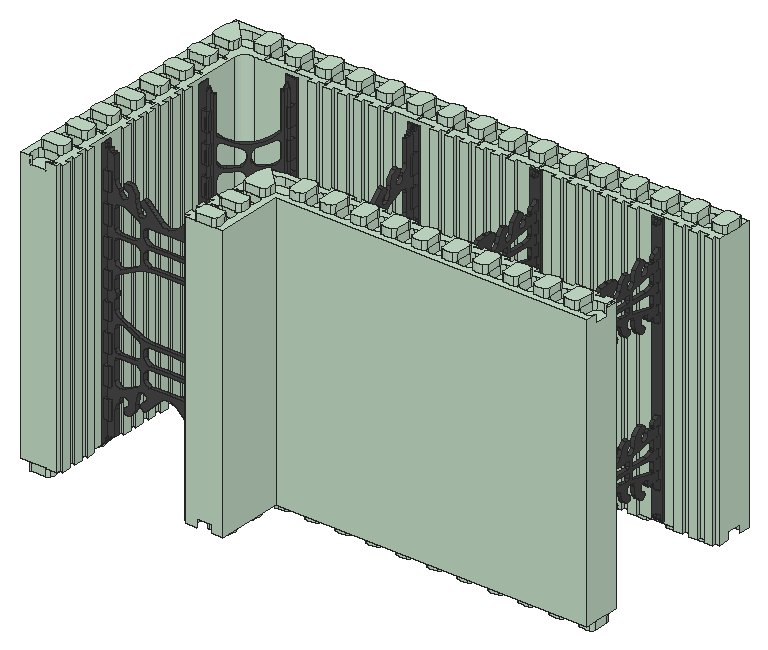
Revit family
Reference planes
  plane 1 "Center (Front/Back)": y = 0
  plane 2: z = 0
  plane 3 "Center (Left/Right)": x = 0
Forms (mm)
  Extrusion 1, solid, material "NUDURA Expanded Polystyrene Foam Insulation"
    sketch origin (-0.019, -0.02, 0) x (1, 0, 0) y (0, 1, 0)
      loop
        line (-168.275, 168.275) -> (-168.275, -279.4) -> (-107.95, -279.4) -> (-107.95, -272.258) -> (-101.6, -273.842) -> (-101.6, -259.558) -> (-107.95, -261.142) -> (-107.95, -246.858) -> (-101.6, -248.442) -> (-101.6, -234.158) -> (-107.95, -235.742) -> (-107.95, -221.458) -> (-101.6, -223.042) -> (-101.6, -208.758) -> (-107.95, -210.342) -> (-107.95, -145.258) -> (-101.6, -146.842) -> (-101.6, -132.558) -> (-107.95, -134.142) -> (-107.95, -119.858) -> (-101.6, -121.442) -> (-101.6, -107.158) -> (-107.95, -108.742) -> (-107.95, -94.458) -> (-101.6, -96.042) -> (-101.6, -81.758) -> (-107.95, -83.342) -> (-107.95, -69.058) -> (-101.6, -70.642) -> (-101.6, -56.358) -> (-107.95, -57.942) -> (-107.95, -43.658) -> (-101.6, -45.242) -> (-101.6, -30.958) -> (-107.95, -32.542) -> (-107.95, -18.258) -> (-101.6, -19.842) -> (-101.6, -5.558) -> (-107.95, -7.142) -> (-107.95, 89.394)
        arc (-107.95, 89.394) -> (-102.199, 102.546) -> (-88.9, 107.95) r 19.05
        line (-88.9, 107.95) -> (7.142, 107.95) -> (5.558, 101.6) -> (19.842, 101.6) -> (18.258, 107.95) -> (32.542, 107.95) -> (30.958, 101.6) -> (45.242, 101.6) -> (43.658, 107.95) -> (57.942, 107.95) -> (56.358, 101.6) -> (70.642, 101.6) -> (69.058, 107.95) -> (83.342, 107.95) -> (81.758, 101.6) -> (96.042, 101.6) -> (94.458, 107.95) -> (108.742, 107.95) -> (107.158, 101.6) -> (121.442, 101.6) -> (119.858, 107.95) -> (134.142, 107.95) -> (132.558, 101.6) -> (146.842, 101.6) -> (145.258, 107.95) -> (210.342, 107.95) -> (208.758, 101.6) -> (223.042, 101.6) -> (221.458, 107.95) -> (235.742, 107.95) -> (234.158, 101.6) -> (248.442, 101.6) -> (246.858, 107.95) -> (261.142, 107.95) -> (259.558, 101.6) -> (273.842, 101.6) -> (272.258, 107.95) -> (286.542, 107.95) -> (284.958, 101.6) -> (299.242, 101.6) -> (297.658, 107.95) -> (311.942, 107.95) -> (310.358, 101.6) -> (324.642, 101.6) -> (323.058, 107.95) -> (337.342, 107.95) -> (335.758, 101.6) -> (350.042, 101.6) -> (348.458, 107.95) -> (413.542, 107.95) -> (411.958, 101.6) -> (426.242, 101.6) -> (424.658, 107.95) -> (438.942, 107.95) -> (437.358, 101.6) -> (451.642, 101.6) -> (450.058, 107.95) -> (464.342, 107.95) -> (462.758, 101.6) -> (477.042, 101.6) -> (475.458, 107.95) -> (489.742, 107.95) -> (488.158, 101.6) -> (502.442, 101.6) -> (500.858, 107.95) -> (515.142, 107.95) -> (513.558, 101.6) -> (527.842, 101.6) -> (526.258, 107.95) -> (540.542, 107.95) -> (538.958, 101.6) -> (553.242, 101.6) -> (551.658, 107.95) -> (616.742, 107.95) -> (615.158, 101.6) -> (629.442, 101.6) -> (627.858, 107.95) -> (642.142, 107.95) -> (640.558, 101.6) -> (654.842, 101.6) -> (653.258, 107.95) -> (667.542, 107.95) -> (665.958, 101.6) -> (680.242, 101.6) -> (678.658, 107.95) -> (685.8, 107.95) -> (685.8, 168.275) -> (-168.275, 168.275)
      loop
        line (168.275, -168.275) -> (685.8, -168.275) -> (685.8, -107.95) -> (678.658, -107.95) -> (680.242, -101.6) -> (665.958, -101.6) -> (667.542, -107.95) -> (653.258, -107.95) -> (654.842, -101.6) -> (640.558, -101.6) -> (642.142, -107.95) -> (627.858, -107.95) -> (629.442, -101.6) -> (615.158, -101.6) -> (616.742, -107.95) -> (551.658, -107.95) -> (553.242, -101.6) -> (538.958, -101.6) -> (540.542, -107.95) -> (526.258, -107.95) -> (527.842, -101.6) -> (513.558, -101.6) -> (515.142, -107.95) -> (500.858, -107.95) -> (502.442, -101.6) -> (488.158, -101.6) -> (489.742, -107.95) -> (475.458, -107.95) -> (477.042, -101.6) -> (462.758, -101.6) -> (464.342, -107.95) -> (450.058, -107.95) -> (451.642, -101.6) -> (437.358, -101.6) -> (438.942, -107.95) -> (424.658, -107.95) -> (426.242, -101.6) -> (411.958, -101.6) -> (413.542, -107.95) -> (348.458, -107.95) -> (350.042, -101.6) -> (335.758, -101.6) -> (337.342, -107.95) -> (323.058, -107.95) -> (324.642, -101.6) -> (310.358, -101.6) -> (311.942, -107.95) -> (297.658, -107.95) -> (299.242, -101.6) -> (284.958, -101.6) -> (286.542, -107.95) -> (272.258, -107.95) -> (273.842, -101.6) -> (259.558, -101.6) -> (261.142, -107.95) -> (246.858, -107.95) -> (248.442, -101.6) -> (234.158, -101.6) -> (235.742, -107.95) -> (221.458, -107.95) -> (223.042, -101.6) -> (208.758, -101.6) -> (210.342, -107.95) -> (139.7, -107.95)
        arc (139.7, -107.95) -> (117.249, -117.249) -> (107.95, -139.7) r 31.75
        line (107.95, -139.7) -> (107.95, -210.342) -> (101.6, -208.758) -> (101.6, -223.042) -> (107.95, -221.458) -> (107.95, -235.742) -> (101.6, -234.158) -> (101.6, -248.442) -> (107.95, -246.858) -> (107.95, -261.142) -> (101.6, -259.558) -> (101.6, -273.842) -> (107.95, -272.258) -> (107.95, -279.4) -> (168.275, -279.4) -> (168.275, -168.275)
    from 0 to 457.2
  Extrusion 2, solid, material "NUDURA Expanded Polystyrene Foam Insulation"
    sketch origin (25.381, -25.42, 0) x (1, 0, 0) y (0, 1, 0)
      loop
        arc (93.663, -139.7) -> (93.992, -143.903) -> (94.972, -148.004) r 26.987
        arc (94.972, -148.004) -> (97.278, -151.185) -> (101.014, -152.4) r 6.35
        line (101.014, -152.4) -> (124.411, -152.4)
        arc (124.411, -152.4) -> (128.147, -151.185) -> (130.453, -148.004) r 6.35
        arc (130.453, -148.004) -> (131.433, -143.903) -> (131.763, -139.7) r 26.988
        line (131.763, -139.7) -> (131.763, -131.763) -> (101.102, -101.102)
        arc (101.102, -101.102) -> (95.596, -109.342) -> (93.663, -119.063) r 25.4
        line (93.663, -119.063) -> (93.663, -139.7)
    from 457.2 to 469.9
  Extrusion 3, solid, material "NUDURA Expanded Polystyrene Foam Insulation"
    sketch origin (-25.419, 25.38, 0) x (1, 0, 0) y (0, 1, 0)
      loop
        arc (-101.014, 76.2) -> (-97.278, 77.415) -> (-94.972, 80.596) r 6.35
        arc (-94.972, 80.596) -> (-93.992, 84.697) -> (-93.662, 88.9) r 26.987
        line (-93.662, 88.9) -> (-93.662, 93.662) -> (-124.323, 124.323)
        arc (-124.323, 124.323) -> (-129.829, 116.083) -> (-131.762, 106.362) r 25.4
        line (-131.762, 106.362) -> (-131.762, 88.9)
        arc (-131.762, 88.9) -> (-131.433, 84.697) -> (-130.453, 80.596) r 26.988
        arc (-130.453, 80.596) -> (-128.147, 77.415) -> (-124.411, 76.2) r 6.35
        line (-124.411, 76.2) -> (-101.014, 76.2)
    from 457.2 to 469.9
  Extrusion 4, void
    sketch origin (-25.419, 25.38, 0) x (1, 0, 0) y (0, 1, 0)
      loop
        arc (-130.453, -249.604) -> (-128.147, -252.785) -> (-124.411, -254) r 6.35
        line (-124.411, -254) -> (-101.014, -254)
        arc (-101.014, -254) -> (-98.696, -253.562) -> (-96.698, -252.308) r 6.35
        arc (-96.698, -252.308) -> (-96.199, -251.995) -> (-95.62, -251.885) r 1.588
        line (-95.62, -251.885) -> (-86.829, -251.885) -> (-86.829, -247.546) -> (-92.457, -247.546)
        arc (-92.457, -247.546) -> (-93.668, -246.986) -> (-94.024, -245.7) r 1.588
        arc (-94.024, -245.7) -> (-93.737, -239.291) -> (-94.972, -232.996) r 26.987
        arc (-94.972, -232.996) -> (-97.278, -229.815) -> (-101.014, -228.6) r 6.35
        line (-101.014, -228.6) -> (-124.411, -228.6)
        arc (-124.411, -228.6) -> (-128.147, -229.815) -> (-130.453, -232.996) r 6.35
        arc (-130.453, -232.996) -> (-131.762, -241.3) -> (-130.453, -249.604) r 26.987
    from 457.2 to 444.5
  Extrusion 5, void
    sketch origin (-25.419, 76.18, 0) x (1, 0, 0) y (0, 1, 0)
      loop
        arc (-130.453, -249.604) -> (-128.147, -252.785) -> (-124.411, -254) r 6.35
        line (-124.411, -254) -> (-101.014, -254)
        arc (-101.014, -254) -> (-98.696, -253.562) -> (-96.698, -252.308) r 6.35
        arc (-96.698, -252.308) -> (-96.199, -251.995) -> (-95.62, -251.885) r 1.588
        line (-95.62, -251.885) -> (-86.829, -251.885) -> (-86.829, -247.546) -> (-92.457, -247.546)
        arc (-92.457, -247.546) -> (-93.668, -246.986) -> (-94.024, -245.7) r 1.588
        arc (-94.024, -245.7) -> (-93.737, -239.291) -> (-94.972, -232.996) r 26.987
        arc (-94.972, -232.996) -> (-97.278, -229.815) -> (-101.014, -228.6) r 6.35
        line (-101.014, -228.6) -> (-124.411, -228.6)
        arc (-124.411, -228.6) -> (-128.147, -229.815) -> (-130.453, -232.996) r 6.35
        arc (-130.453, -232.996) -> (-131.762, -241.3) -> (-130.453, -249.604) r 26.987
    from 457.2 to 444.5
  Extrusion 6, void
    sketch origin (-25.419, 126.98, 0) x (1, 0, 0) y (0, 1, 0)
      loop
        arc (-130.453, -249.604) -> (-128.147, -252.785) -> (-124.411, -254) r 6.35
        line (-124.411, -254) -> (-101.014, -254)
        arc (-101.014, -254) -> (-98.696, -253.562) -> (-96.698, -252.308) r 6.35
        arc (-96.698, -252.308) -> (-96.199, -251.995) -> (-95.62, -251.885) r 1.588
        line (-95.62, -251.885) -> (-86.829, -251.885) -> (-86.829, -247.546) -> (-92.457, -247.546)
        arc (-92.457, -247.546) -> (-93.668, -246.986) -> (-94.024, -245.7) r 1.588
        arc (-94.024, -245.7) -> (-93.737, -239.291) -> (-94.972, -232.996) r 26.987
        arc (-94.972, -232.996) -> (-97.278, -229.815) -> (-101.014, -228.6) r 6.35
        line (-101.014, -228.6) -> (-124.411, -228.6)
        arc (-124.411, -228.6) -> (-128.147, -229.815) -> (-130.453, -232.996) r 6.35
        arc (-130.453, -232.996) -> (-131.762, -241.3) -> (-130.453, -249.604) r 26.987
    from 457.2 to 444.5
  Extrusion 7, void
    sketch origin (-25.419, 177.78, 0) x (1, 0, 0) y (0, 1, 0)
      loop
        arc (-130.453, -249.604) -> (-128.147, -252.785) -> (-124.411, -254) r 6.35
        line (-124.411, -254) -> (-101.014, -254)
        arc (-101.014, -254) -> (-98.696, -253.562) -> (-96.698, -252.308) r 6.35
        arc (-96.698, -252.308) -> (-96.199, -251.995) -> (-95.62, -251.885) r 1.588
        line (-95.62, -251.885) -> (-86.829, -251.885) -> (-86.829, -247.546) -> (-92.457, -247.546)
        arc (-92.457, -247.546) -> (-93.668, -246.986) -> (-94.024, -245.7) r 1.588
        arc (-94.024, -245.7) -> (-93.737, -239.291) -> (-94.972, -232.996) r 26.987
        arc (-94.972, -232.996) -> (-97.278, -229.815) -> (-101.014, -228.6) r 6.35
        line (-101.014, -228.6) -> (-124.411, -228.6)
        arc (-124.411, -228.6) -> (-128.147, -229.815) -> (-130.453, -232.996) r 6.35
        arc (-130.453, -232.996) -> (-131.762, -241.3) -> (-130.453, -249.604) r 26.987
    from 457.2 to 444.5
  Extrusion 8, void
    sketch origin (-25.419, 228.58, 0) x (1, 0, 0) y (0, 1, 0)
      loop
        arc (-130.453, -249.604) -> (-128.147, -252.785) -> (-124.411, -254) r 6.35
        line (-124.411, -254) -> (-101.014, -254)
        arc (-101.014, -254) -> (-98.696, -253.562) -> (-96.698, -252.308) r 6.35
        arc (-96.698, -252.308) -> (-96.199, -251.995) -> (-95.62, -251.885) r 1.588
        line (-95.62, -251.885) -> (-86.829, -251.885) -> (-86.829, -247.546) -> (-92.457, -247.546)
        arc (-92.457, -247.546) -> (-93.668, -246.986) -> (-94.024, -245.7) r 1.588
        arc (-94.024, -245.7) -> (-93.737, -239.291) -> (-94.972, -232.996) r 26.987
        arc (-94.972, -232.996) -> (-97.278, -229.815) -> (-101.014, -228.6) r 6.35
        line (-101.014, -228.6) -> (-124.411, -228.6)
        arc (-124.411, -228.6) -> (-128.147, -229.815) -> (-130.453, -232.996) r 6.35
        arc (-130.453, -232.996) -> (-131.762, -241.3) -> (-130.453, -249.604) r 26.987
    from 457.2 to 444.5
  Extrusion 9, void
    sketch origin (-25.419, 279.38, 0) x (1, 0, 0) y (0, 1, 0)
      loop
        arc (-130.453, -249.604) -> (-128.147, -252.785) -> (-124.411, -254) r 6.35
        line (-124.411, -254) -> (-101.014, -254)
        arc (-101.014, -254) -> (-98.696, -253.562) -> (-96.698, -252.308) r 6.35
        arc (-96.698, -252.308) -> (-96.199, -251.995) -> (-95.62, -251.885) r 1.588
        line (-95.62, -251.885) -> (-86.829, -251.885) -> (-86.829, -247.546) -> (-92.457, -247.546)
        arc (-92.457, -247.546) -> (-93.668, -246.986) -> (-94.024, -245.7) r 1.588
        arc (-94.024, -245.7) -> (-93.737, -239.291) -> (-94.972, -232.996) r 26.987
        arc (-94.972, -232.996) -> (-97.278, -229.815) -> (-101.014, -228.6) r 6.35
        line (-101.014, -228.6) -> (-124.411, -228.6)
        arc (-124.411, -228.6) -> (-128.147, -229.815) -> (-130.453, -232.996) r 6.35
        arc (-130.453, -232.996) -> (-131.762, -241.3) -> (-130.453, -249.604) r 26.987
    from 457.2 to 444.5
  Extrusion 10, void
    sketch origin (-25.419, 330.18, 0) x (1, 0, 0) y (0, 1, 0)
      loop
        arc (-130.453, -249.604) -> (-128.147, -252.785) -> (-124.411, -254) r 6.35
        line (-124.411, -254) -> (-101.014, -254)
        arc (-101.014, -254) -> (-98.696, -253.562) -> (-96.698, -252.308) r 6.35
        arc (-96.698, -252.308) -> (-96.199, -251.995) -> (-95.62, -251.885) r 1.588
        line (-95.62, -251.885) -> (-86.829, -251.885) -> (-86.829, -247.546) -> (-92.457, -247.546)
        arc (-92.457, -247.546) -> (-93.668, -246.986) -> (-94.024, -245.7) r 1.588
        arc (-94.024, -245.7) -> (-93.737, -239.291) -> (-94.972, -232.996) r 26.987
        arc (-94.972, -232.996) -> (-97.278, -229.815) -> (-101.014, -228.6) r 6.35
        line (-101.014, -228.6) -> (-124.411, -228.6)
        arc (-124.411, -228.6) -> (-128.147, -229.815) -> (-130.453, -232.996) r 6.35
        arc (-130.453, -232.996) -> (-131.762, -241.3) -> (-130.453, -249.604) r 26.987
    from 457.2 to 444.5
  Extrusion 11, void
    sketch origin (25.381, -25.42, 0) x (1, 0, 0) y (0, 1, 0)
      loop
        line (101.014, -228.6) -> (124.411, -228.6)
        arc (124.411, -228.6) -> (128.147, -227.385) -> (130.453, -224.204) r 6.35
        arc (130.453, -224.204) -> (131.763, -215.9) -> (130.453, -207.596) r 26.988
        arc (130.453, -207.596) -> (128.147, -204.415) -> (124.411, -203.2) r 6.35
        line (124.411, -203.2) -> (101.014, -203.2)
        arc (101.014, -203.2) -> (98.696, -203.638) -> (96.698, -204.892) r 6.35
        arc (96.698, -204.892) -> (96.199, -205.205) -> (95.62, -205.315) r 1.587
        line (95.62, -205.315) -> (86.829, -205.315) -> (86.829, -209.654) -> (92.457, -209.654)
        arc (92.457, -209.654) -> (93.668, -210.214) -> (94.024, -211.5) r 1.587
        arc (94.024, -211.5) -> (93.737, -217.909) -> (94.972, -224.204) r 26.987
        arc (94.972, -224.204) -> (97.278, -227.385) -> (101.014, -228.6) r 6.35
    from 457.2 to 444.5
  Extrusion 12, void
    sketch origin (25.381, 25.38, 0) x (1, 0, 0) y (0, 1, 0)
      loop
        line (101.014, -228.6) -> (124.411, -228.6)
        arc (124.411, -228.6) -> (128.147, -227.385) -> (130.453, -224.204) r 6.35
        arc (130.453, -224.204) -> (131.763, -215.9) -> (130.453, -207.596) r 26.988
        arc (130.453, -207.596) -> (128.147, -204.415) -> (124.411, -203.2) r 6.35
        line (124.411, -203.2) -> (101.014, -203.2)
        arc (101.014, -203.2) -> (98.696, -203.638) -> (96.698, -204.892) r 6.35
        arc (96.698, -204.892) -> (96.199, -205.205) -> (95.62, -205.315) r 1.587
        line (95.62, -205.315) -> (86.829, -205.315) -> (86.829, -209.654) -> (92.457, -209.654)
        arc (92.457, -209.654) -> (93.668, -210.214) -> (94.024, -211.5) r 1.587
        arc (94.024, -211.5) -> (93.737, -217.909) -> (94.972, -224.204) r 26.987
        arc (94.972, -224.204) -> (97.278, -227.385) -> (101.014, -228.6) r 6.35
    from 457.2 to 444.5
  Extrusion 13, void
    sketch origin (-25.419, 25.38, 0) x (1, 0, 0) y (0, 1, 0)
      loop
        arc (-106.362, 131.762) -> (-116.083, 129.829) -> (-124.323, 124.323) r 25.4
        line (-124.323, 124.323) -> (-93.662, 93.662) -> (-88.9, 93.662)
        arc (-88.9, 93.662) -> (-84.697, 93.992) -> (-80.596, 94.972) r 26.988
        arc (-80.596, 94.972) -> (-77.415, 97.278) -> (-76.2, 101.014) r 6.35
        line (-76.2, 101.014) -> (-76.2, 124.411)
        arc (-76.2, 124.411) -> (-77.415, 128.147) -> (-80.596, 130.453) r 6.35
        arc (-80.596, 130.453) -> (-84.697, 131.433) -> (-88.9, 131.762) r 26.988
        line (-88.9, 131.762) -> (-106.362, 131.762)
    from 457.2 to 444.5
  Extrusion 14, void
    sketch origin (25.381, -25.42, 0) x (1, 0, 0) y (0, 1, 0)
      loop
        arc (119.063, -93.663) -> (109.342, -95.596) -> (101.102, -101.102) r 25.4
        line (101.102, -101.102) -> (131.763, -131.763) -> (139.7, -131.763)
        arc (139.7, -131.763) -> (143.903, -131.433) -> (148.004, -130.453) r 26.987
        arc (148.004, -130.453) -> (151.185, -128.147) -> (152.4, -124.411) r 6.35
        line (152.4, -124.411) -> (152.4, -101.014)
        arc (152.4, -101.014) -> (151.962, -98.696) -> (150.708, -96.698) r 6.35
        arc (150.708, -96.698) -> (150.395, -96.199) -> (150.285, -95.62) r 1.588
        line (150.285, -95.62) -> (150.285, -86.829) -> (145.946, -86.829) -> (145.946, -92.457)
        arc (145.946, -92.457) -> (145.386, -93.668) -> (144.1, -94.024) r 1.587
        arc (144.1, -94.024) -> (141.907, -93.753) -> (139.7, -93.663) r 26.987
        line (139.7, -93.663) -> (119.063, -93.663)
    from 457.2 to 444.5
  Extrusion 15, void
    sketch origin (25.381, -25.42, 0) x (1, 0, 0) y (0, 1, 0)
      loop
        line (177.8, -101.014) -> (177.8, -124.411)
        arc (177.8, -124.411) -> (179.015, -128.147) -> (182.196, -130.453) r 6.35
        arc (182.196, -130.453) -> (190.5, -131.763) -> (198.804, -130.453) r 26.987
        arc (198.804, -130.453) -> (201.985, -128.147) -> (203.2, -124.411) r 6.35
        line (203.2, -124.411) -> (203.2, -101.014)
        arc (203.2, -101.014) -> (202.762, -98.696) -> (201.508, -96.698) r 6.35
        arc (201.508, -96.698) -> (201.195, -96.199) -> (201.085, -95.62) r 1.588
        line (201.085, -95.62) -> (201.085, -86.829) -> (196.746, -86.829) -> (196.746, -92.457)
        arc (196.746, -92.457) -> (196.186, -93.668) -> (194.9, -94.024) r 1.587
        arc (194.9, -94.024) -> (188.491, -93.737) -> (182.196, -94.972) r 26.988
        arc (182.196, -94.972) -> (179.015, -97.278) -> (177.8, -101.014) r 6.35
    from 457.2 to 444.5
  Extrusion 16, void
    sketch origin (76.181, -25.42, 0) x (1, 0, 0) y (0, 1, 0)
      loop
        line (177.8, -101.014) -> (177.8, -124.411)
        arc (177.8, -124.411) -> (179.015, -128.147) -> (182.196, -130.453) r 6.35
        arc (182.196, -130.453) -> (190.5, -131.763) -> (198.804, -130.453) r 26.987
        arc (198.804, -130.453) -> (201.985, -128.147) -> (203.2, -124.411) r 6.35
        line (203.2, -124.411) -> (203.2, -101.014)
        arc (203.2, -101.014) -> (202.762, -98.696) -> (201.508, -96.698) r 6.35
        arc (201.508, -96.698) -> (201.195, -96.199) -> (201.085, -95.62) r 1.588
        line (201.085, -95.62) -> (201.085, -86.829) -> (196.746, -86.829) -> (196.746, -92.457)
        arc (196.746, -92.457) -> (196.186, -93.668) -> (194.9, -94.024) r 1.587
        arc (194.9, -94.024) -> (188.491, -93.737) -> (182.196, -94.972) r 26.988
        arc (182.196, -94.972) -> (179.015, -97.278) -> (177.8, -101.014) r 6.35
    from 457.2 to 444.5
  Extrusion 17, void
    sketch origin (126.981, -25.42, 0) x (1, 0, 0) y (0, 1, 0)
      loop
        line (177.8, -101.014) -> (177.8, -124.411)
        arc (177.8, -124.411) -> (179.015, -128.147) -> (182.196, -130.453) r 6.35
        arc (182.196, -130.453) -> (190.5, -131.763) -> (198.804, -130.453) r 26.987
        arc (198.804, -130.453) -> (201.985, -128.147) -> (203.2, -124.411) r 6.35
        line (203.2, -124.411) -> (203.2, -101.014)
        arc (203.2, -101.014) -> (202.762, -98.696) -> (201.508, -96.698) r 6.35
        arc (201.508, -96.698) -> (201.195, -96.199) -> (201.085, -95.62) r 1.588
        line (201.085, -95.62) -> (201.085, -86.829) -> (196.746, -86.829) -> (196.746, -92.457)
        arc (196.746, -92.457) -> (196.186, -93.668) -> (194.9, -94.024) r 1.587
        arc (194.9, -94.024) -> (188.491, -93.737) -> (182.196, -94.972) r 26.988
        arc (182.196, -94.972) -> (179.015, -97.278) -> (177.8, -101.014) r 6.35
    from 457.2 to 444.5
  Extrusion 18, void
    sketch origin (177.781, -25.42, 0) x (1, 0, 0) y (0, 1, 0)
      loop
        line (177.8, -101.014) -> (177.8, -124.411)
        arc (177.8, -124.411) -> (179.015, -128.147) -> (182.196, -130.453) r 6.35
        arc (182.196, -130.453) -> (190.5, -131.763) -> (198.804, -130.453) r 26.987
        arc (198.804, -130.453) -> (201.985, -128.147) -> (203.2, -124.411) r 6.35
        line (203.2, -124.411) -> (203.2, -101.014)
        arc (203.2, -101.014) -> (202.762, -98.696) -> (201.508, -96.698) r 6.35
        arc (201.508, -96.698) -> (201.195, -96.199) -> (201.085, -95.62) r 1.588
        line (201.085, -95.62) -> (201.085, -86.829) -> (196.746, -86.829) -> (196.746, -92.457)
        arc (196.746, -92.457) -> (196.186, -93.668) -> (194.9, -94.024) r 1.587
        arc (194.9, -94.024) -> (188.491, -93.737) -> (182.196, -94.972) r 26.988
        arc (182.196, -94.972) -> (179.015, -97.278) -> (177.8, -101.014) r 6.35
    from 457.2 to 444.5
  Extrusion 19, void
    sketch origin (228.581, -25.42, 0) x (1, 0, 0) y (0, 1, 0)
      loop
        line (177.8, -101.014) -> (177.8, -124.411)
        arc (177.8, -124.411) -> (179.015, -128.147) -> (182.196, -130.453) r 6.35
        arc (182.196, -130.453) -> (190.5, -131.763) -> (198.804, -130.453) r 26.987
        arc (198.804, -130.453) -> (201.985, -128.147) -> (203.2, -124.411) r 6.35
        line (203.2, -124.411) -> (203.2, -101.014)
        arc (203.2, -101.014) -> (202.762, -98.696) -> (201.508, -96.698) r 6.35
        arc (201.508, -96.698) -> (201.195, -96.199) -> (201.085, -95.62) r 1.588
        line (201.085, -95.62) -> (201.085, -86.829) -> (196.746, -86.829) -> (196.746, -92.457)
        arc (196.746, -92.457) -> (196.186, -93.668) -> (194.9, -94.024) r 1.587
        arc (194.9, -94.024) -> (188.491, -93.737) -> (182.196, -94.972) r 26.988
        arc (182.196, -94.972) -> (179.015, -97.278) -> (177.8, -101.014) r 6.35
    from 457.2 to 444.5
  Extrusion 20, void
    sketch origin (279.381, -25.42, 0) x (1, 0, 0) y (0, 1, 0)
      loop
        line (177.8, -101.014) -> (177.8, -124.411)
        arc (177.8, -124.411) -> (179.015, -128.147) -> (182.196, -130.453) r 6.35
        arc (182.196, -130.453) -> (190.5, -131.763) -> (198.804, -130.453) r 26.987
        arc (198.804, -130.453) -> (201.985, -128.147) -> (203.2, -124.411) r 6.35
        line (203.2, -124.411) -> (203.2, -101.014)
        arc (203.2, -101.014) -> (202.762, -98.696) -> (201.508, -96.698) r 6.35
        arc (201.508, -96.698) -> (201.195, -96.199) -> (201.085, -95.62) r 1.588
        line (201.085, -95.62) -> (201.085, -86.829) -> (196.746, -86.829) -> (196.746, -92.457)
        arc (196.746, -92.457) -> (196.186, -93.668) -> (194.9, -94.024) r 1.587
        arc (194.9, -94.024) -> (188.491, -93.737) -> (182.196, -94.972) r 26.988
        arc (182.196, -94.972) -> (179.015, -97.278) -> (177.8, -101.014) r 6.35
    from 457.2 to 444.5
  Extrusion 21, void
    sketch origin (330.181, -25.42, 0) x (1, 0, 0) y (0, 1, 0)
      loop
        line (177.8, -101.014) -> (177.8, -124.411)
        arc (177.8, -124.411) -> (179.015, -128.147) -> (182.196, -130.453) r 6.35
        arc (182.196, -130.453) -> (190.5, -131.763) -> (198.804, -130.453) r 26.987
        arc (198.804, -130.453) -> (201.985, -128.147) -> (203.2, -124.411) r 6.35
        line (203.2, -124.411) -> (203.2, -101.014)
        arc (203.2, -101.014) -> (202.762, -98.696) -> (201.508, -96.698) r 6.35
        arc (201.508, -96.698) -> (201.195, -96.199) -> (201.085, -95.62) r 1.588
        line (201.085, -95.62) -> (201.085, -86.829) -> (196.746, -86.829) -> (196.746, -92.457)
        arc (196.746, -92.457) -> (196.186, -93.668) -> (194.9, -94.024) r 1.587
        arc (194.9, -94.024) -> (188.491, -93.737) -> (182.196, -94.972) r 26.988
        arc (182.196, -94.972) -> (179.015, -97.278) -> (177.8, -101.014) r 6.35
    from 457.2 to 444.5
  Extrusion 22, void
    sketch origin (380.981, -25.42, 0) x (1, 0, 0) y (0, 1, 0)
      loop
        line (177.8, -101.014) -> (177.8, -124.411)
        arc (177.8, -124.411) -> (179.015, -128.147) -> (182.196, -130.453) r 6.35
        arc (182.196, -130.453) -> (190.5, -131.763) -> (198.804, -130.453) r 26.987
        arc (198.804, -130.453) -> (201.985, -128.147) -> (203.2, -124.411) r 6.35
        line (203.2, -124.411) -> (203.2, -101.014)
        arc (203.2, -101.014) -> (202.762, -98.696) -> (201.508, -96.698) r 6.35
        arc (201.508, -96.698) -> (201.195, -96.199) -> (201.085, -95.62) r 1.588
        line (201.085, -95.62) -> (201.085, -86.829) -> (196.746, -86.829) -> (196.746, -92.457)
        arc (196.746, -92.457) -> (196.186, -93.668) -> (194.9, -94.024) r 1.587
        arc (194.9, -94.024) -> (188.491, -93.737) -> (182.196, -94.972) r 26.988
        arc (182.196, -94.972) -> (179.015, -97.278) -> (177.8, -101.014) r 6.35
    from 457.2 to 444.5
  Extrusion 23, void
    sketch origin (431.781, -25.42, 0) x (1, 0, 0) y (0, 1, 0)
      loop
        line (177.8, -101.014) -> (177.8, -124.411)
        arc (177.8, -124.411) -> (179.015, -128.147) -> (182.196, -130.453) r 6.35
        arc (182.196, -130.453) -> (190.5, -131.763) -> (198.804, -130.453) r 26.987
        arc (198.804, -130.453) -> (201.985, -128.147) -> (203.2, -124.411) r 6.35
        line (203.2, -124.411) -> (203.2, -101.014)
        arc (203.2, -101.014) -> (202.762, -98.696) -> (201.508, -96.698) r 6.35
        arc (201.508, -96.698) -> (201.195, -96.199) -> (201.085, -95.62) r 1.588
        line (201.085, -95.62) -> (201.085, -86.829) -> (196.746, -86.829) -> (196.746, -92.457)
        arc (196.746, -92.457) -> (196.186, -93.668) -> (194.9, -94.024) r 1.587
        arc (194.9, -94.024) -> (188.491, -93.737) -> (182.196, -94.972) r 26.988
        arc (182.196, -94.972) -> (179.015, -97.278) -> (177.8, -101.014) r 6.35
    from 457.2 to 444.5
  Extrusion 24, void
    sketch origin (482.581, -25.42, 0) x (1, 0, 0) y (0, 1, 0)
      loop
        line (177.8, -101.014) -> (177.8, -124.411)
        arc (177.8, -124.411) -> (179.015, -128.147) -> (182.196, -130.453) r 6.35
        arc (182.196, -130.453) -> (190.5, -131.763) -> (198.804, -130.453) r 26.987
        arc (198.804, -130.453) -> (201.985, -128.147) -> (203.2, -124.411) r 6.35
        line (203.2, -124.411) -> (203.2, -101.014)
        arc (203.2, -101.014) -> (202.762, -98.696) -> (201.508, -96.698) r 6.35
        arc (201.508, -96.698) -> (201.195, -96.199) -> (201.085, -95.62) r 1.588
        line (201.085, -95.62) -> (201.085, -86.829) -> (196.746, -86.829) -> (196.746, -92.457)
        arc (196.746, -92.457) -> (196.186, -93.668) -> (194.9, -94.024) r 1.587
        arc (194.9, -94.024) -> (188.491, -93.737) -> (182.196, -94.972) r 26.988
        arc (182.196, -94.972) -> (179.015, -97.278) -> (177.8, -101.014) r 6.35
    from 457.2 to 444.5
  Extrusion 25, void
    sketch origin (-25.419, 25.38, 0) x (1, 0, 0) y (0, 1, 0)
      loop
        arc (-46.404, 130.453) -> (-49.585, 128.147) -> (-50.8, 124.411) r 6.35
        line (-50.8, 124.411) -> (-50.8, 101.014)
        arc (-50.8, 101.014) -> (-50.362, 98.696) -> (-49.108, 96.698) r 6.35
        arc (-49.108, 96.698) -> (-48.795, 96.199) -> (-48.685, 95.62) r 1.588
        line (-48.685, 95.62) -> (-48.685, 86.829) -> (-44.346, 86.829) -> (-44.346, 92.457)
        arc (-44.346, 92.457) -> (-43.786, 93.668) -> (-42.5, 94.024) r 1.588
        arc (-42.5, 94.024) -> (-36.091, 93.737) -> (-29.796, 94.972) r 26.987
        arc (-29.796, 94.972) -> (-26.615, 97.278) -> (-25.4, 101.014) r 6.35
        line (-25.4, 101.014) -> (-25.4, 124.411)
        arc (-25.4, 124.411) -> (-26.615, 128.147) -> (-29.796, 130.453) r 6.35
        arc (-29.796, 130.453) -> (-38.1, 131.762) -> (-46.404, 130.453) r 26.987
    from 457.2 to 444.5
  Extrusion 26, void
    sketch origin (25.381, 25.38, 0) x (1, 0, 0) y (0, 1, 0)
      loop
        arc (-46.404, 130.453) -> (-49.585, 128.147) -> (-50.8, 124.411) r 6.35
        line (-50.8, 124.411) -> (-50.8, 101.014)
        arc (-50.8, 101.014) -> (-50.362, 98.696) -> (-49.108, 96.698) r 6.35
        arc (-49.108, 96.698) -> (-48.795, 96.199) -> (-48.685, 95.62) r 1.588
        line (-48.685, 95.62) -> (-48.685, 86.829) -> (-44.346, 86.829) -> (-44.346, 92.457)
        arc (-44.346, 92.457) -> (-43.786, 93.668) -> (-42.5, 94.024) r 1.588
        arc (-42.5, 94.024) -> (-36.091, 93.737) -> (-29.796, 94.972) r 26.987
        arc (-29.796, 94.972) -> (-26.615, 97.278) -> (-25.4, 101.014) r 6.35
        line (-25.4, 101.014) -> (-25.4, 124.411)
        arc (-25.4, 124.411) -> (-26.615, 128.147) -> (-29.796, 130.453) r 6.35
        arc (-29.796, 130.453) -> (-38.1, 131.762) -> (-46.404, 130.453) r 26.987
    from 457.2 to 444.5
  Extrusion 27, void
    sketch origin (76.181, 25.38, 0) x (1, 0, 0) y (0, 1, 0)
      loop
        arc (-46.404, 130.453) -> (-49.585, 128.147) -> (-50.8, 124.411) r 6.35
        line (-50.8, 124.411) -> (-50.8, 101.014)
        arc (-50.8, 101.014) -> (-50.362, 98.696) -> (-49.108, 96.698) r 6.35
        arc (-49.108, 96.698) -> (-48.795, 96.199) -> (-48.685, 95.62) r 1.588
        line (-48.685, 95.62) -> (-48.685, 86.829) -> (-44.346, 86.829) -> (-44.346, 92.457)
        arc (-44.346, 92.457) -> (-43.786, 93.668) -> (-42.5, 94.024) r 1.588
        arc (-42.5, 94.024) -> (-36.091, 93.737) -> (-29.796, 94.972) r 26.987
        arc (-29.796, 94.972) -> (-26.615, 97.278) -> (-25.4, 101.014) r 6.35
        line (-25.4, 101.014) -> (-25.4, 124.411)
        arc (-25.4, 124.411) -> (-26.615, 128.147) -> (-29.796, 130.453) r 6.35
        arc (-29.796, 130.453) -> (-38.1, 131.762) -> (-46.404, 130.453) r 26.987
    from 457.2 to 444.5
  Extrusion 28, void
    sketch origin (126.981, 25.38, 0) x (1, 0, 0) y (0, 1, 0)
      loop
        arc (-46.404, 130.453) -> (-49.585, 128.147) -> (-50.8, 124.411) r 6.35
        line (-50.8, 124.411) -> (-50.8, 101.014)
        arc (-50.8, 101.014) -> (-50.362, 98.696) -> (-49.108, 96.698) r 6.35
        arc (-49.108, 96.698) -> (-48.795, 96.199) -> (-48.685, 95.62) r 1.588
        line (-48.685, 95.62) -> (-48.685, 86.829) -> (-44.346, 86.829) -> (-44.346, 92.457)
        arc (-44.346, 92.457) -> (-43.786, 93.668) -> (-42.5, 94.024) r 1.588
        arc (-42.5, 94.024) -> (-36.091, 93.737) -> (-29.796, 94.972) r 26.987
        arc (-29.796, 94.972) -> (-26.615, 97.278) -> (-25.4, 101.014) r 6.35
        line (-25.4, 101.014) -> (-25.4, 124.411)
        arc (-25.4, 124.411) -> (-26.615, 128.147) -> (-29.796, 130.453) r 6.35
        arc (-29.796, 130.453) -> (-38.1, 131.762) -> (-46.404, 130.453) r 26.987
    from 457.2 to 444.5
  Extrusion 29, void
    sketch origin (177.781, 25.38, 0) x (1, 0, 0) y (0, 1, 0)
      loop
        arc (-46.404, 130.453) -> (-49.585, 128.147) -> (-50.8, 124.411) r 6.35
        line (-50.8, 124.411) -> (-50.8, 101.014)
        arc (-50.8, 101.014) -> (-50.362, 98.696) -> (-49.108, 96.698) r 6.35
        arc (-49.108, 96.698) -> (-48.795, 96.199) -> (-48.685, 95.62) r 1.588
        line (-48.685, 95.62) -> (-48.685, 86.829) -> (-44.346, 86.829) -> (-44.346, 92.457)
        arc (-44.346, 92.457) -> (-43.786, 93.668) -> (-42.5, 94.024) r 1.588
        arc (-42.5, 94.024) -> (-36.091, 93.737) -> (-29.796, 94.972) r 26.987
        arc (-29.796, 94.972) -> (-26.615, 97.278) -> (-25.4, 101.014) r 6.35
        line (-25.4, 101.014) -> (-25.4, 124.411)
        arc (-25.4, 124.411) -> (-26.615, 128.147) -> (-29.796, 130.453) r 6.35
        arc (-29.796, 130.453) -> (-38.1, 131.762) -> (-46.404, 130.453) r 26.987
    from 457.2 to 444.5
  Extrusion 30, void
    sketch origin (228.581, 25.38, 0) x (1, 0, 0) y (0, 1, 0)
      loop
        arc (-46.404, 130.453) -> (-49.585, 128.147) -> (-50.8, 124.411) r 6.35
        line (-50.8, 124.411) -> (-50.8, 101.014)
        arc (-50.8, 101.014) -> (-50.362, 98.696) -> (-49.108, 96.698) r 6.35
        arc (-49.108, 96.698) -> (-48.795, 96.199) -> (-48.685, 95.62) r 1.588
        line (-48.685, 95.62) -> (-48.685, 86.829) -> (-44.346, 86.829) -> (-44.346, 92.457)
        arc (-44.346, 92.457) -> (-43.786, 93.668) -> (-42.5, 94.024) r 1.588
        arc (-42.5, 94.024) -> (-36.091, 93.737) -> (-29.796, 94.972) r 26.987
        arc (-29.796, 94.972) -> (-26.615, 97.278) -> (-25.4, 101.014) r 6.35
        line (-25.4, 101.014) -> (-25.4, 124.411)
        arc (-25.4, 124.411) -> (-26.615, 128.147) -> (-29.796, 130.453) r 6.35
        arc (-29.796, 130.453) -> (-38.1, 131.762) -> (-46.404, 130.453) r 26.987
    from 457.2 to 444.5
  Extrusion 31, void
    sketch origin (279.381, 25.38, 0) x (1, 0, 0) y (0, 1, 0)
      loop
        arc (-46.404, 130.453) -> (-49.585, 128.147) -> (-50.8, 124.411) r 6.35
        line (-50.8, 124.411) -> (-50.8, 101.014)
        arc (-50.8, 101.014) -> (-50.362, 98.696) -> (-49.108, 96.698) r 6.35
        arc (-49.108, 96.698) -> (-48.795, 96.199) -> (-48.685, 95.62) r 1.588
        line (-48.685, 95.62) -> (-48.685, 86.829) -> (-44.346, 86.829) -> (-44.346, 92.457)
        arc (-44.346, 92.457) -> (-43.786, 93.668) -> (-42.5, 94.024) r 1.588
        arc (-42.5, 94.024) -> (-36.091, 93.737) -> (-29.796, 94.972) r 26.987
        arc (-29.796, 94.972) -> (-26.615, 97.278) -> (-25.4, 101.014) r 6.35
        line (-25.4, 101.014) -> (-25.4, 124.411)
        arc (-25.4, 124.411) -> (-26.615, 128.147) -> (-29.796, 130.453) r 6.35
        arc (-29.796, 130.453) -> (-38.1, 131.762) -> (-46.404, 130.453) r 26.987
    from 457.2 to 444.5
  Extrusion 32, void
    sketch origin (330.181, 25.38, 0) x (1, 0, 0) y (0, 1, 0)
      loop
        arc (-46.404, 130.453) -> (-49.585, 128.147) -> (-50.8, 124.411) r 6.35
        line (-50.8, 124.411) -> (-50.8, 101.014)
        arc (-50.8, 101.014) -> (-50.362, 98.696) -> (-49.108, 96.698) r 6.35
        arc (-49.108, 96.698) -> (-48.795, 96.199) -> (-48.685, 95.62) r 1.588
        line (-48.685, 95.62) -> (-48.685, 86.829) -> (-44.346, 86.829) -> (-44.346, 92.457)
        arc (-44.346, 92.457) -> (-43.786, 93.668) -> (-42.5, 94.024) r 1.588
        arc (-42.5, 94.024) -> (-36.091, 93.737) -> (-29.796, 94.972) r 26.987
        arc (-29.796, 94.972) -> (-26.615, 97.278) -> (-25.4, 101.014) r 6.35
        line (-25.4, 101.014) -> (-25.4, 124.411)
        arc (-25.4, 124.411) -> (-26.615, 128.147) -> (-29.796, 130.453) r 6.35
        arc (-29.796, 130.453) -> (-38.1, 131.762) -> (-46.404, 130.453) r 26.987
    from 457.2 to 444.5
  Extrusion 33, void
    sketch origin (380.981, 25.38, 0) x (1, 0, 0) y (0, 1, 0)
      loop
        arc (-46.404, 130.453) -> (-49.585, 128.147) -> (-50.8, 124.411) r 6.35
        line (-50.8, 124.411) -> (-50.8, 101.014)
        arc (-50.8, 101.014) -> (-50.362, 98.696) -> (-49.108, 96.698) r 6.35
        arc (-49.108, 96.698) -> (-48.795, 96.199) -> (-48.685, 95.62) r 1.588
        line (-48.685, 95.62) -> (-48.685, 86.829) -> (-44.346, 86.829) -> (-44.346, 92.457)
        arc (-44.346, 92.457) -> (-43.786, 93.668) -> (-42.5, 94.024) r 1.588
        arc (-42.5, 94.024) -> (-36.091, 93.737) -> (-29.796, 94.972) r 26.987
        arc (-29.796, 94.972) -> (-26.615, 97.278) -> (-25.4, 101.014) r 6.35
        line (-25.4, 101.014) -> (-25.4, 124.411)
        arc (-25.4, 124.411) -> (-26.615, 128.147) -> (-29.796, 130.453) r 6.35
        arc (-29.796, 130.453) -> (-38.1, 131.762) -> (-46.404, 130.453) r 26.987
    from 457.2 to 444.5
  Extrusion 34, void
    sketch origin (431.781, 25.38, 0) x (1, 0, 0) y (0, 1, 0)
      loop
        arc (-46.404, 130.453) -> (-49.585, 128.147) -> (-50.8, 124.411) r 6.35
        line (-50.8, 124.411) -> (-50.8, 101.014)
        arc (-50.8, 101.014) -> (-50.362, 98.696) -> (-49.108, 96.698) r 6.35
        arc (-49.108, 96.698) -> (-48.795, 96.199) -> (-48.685, 95.62) r 1.588
        line (-48.685, 95.62) -> (-48.685, 86.829) -> (-44.346, 86.829) -> (-44.346, 92.457)
        arc (-44.346, 92.457) -> (-43.786, 93.668) -> (-42.5, 94.024) r 1.588
        arc (-42.5, 94.024) -> (-36.091, 93.737) -> (-29.796, 94.972) r 26.987
        arc (-29.796, 94.972) -> (-26.615, 97.278) -> (-25.4, 101.014) r 6.35
        line (-25.4, 101.014) -> (-25.4, 124.411)
        arc (-25.4, 124.411) -> (-26.615, 128.147) -> (-29.796, 130.453) r 6.35
        arc (-29.796, 130.453) -> (-38.1, 131.762) -> (-46.404, 130.453) r 26.987
    from 457.2 to 444.5
  Extrusion 35, void
    sketch origin (482.581, 25.38, 0) x (1, 0, 0) y (0, 1, 0)
      loop
        arc (-46.404, 130.453) -> (-49.585, 128.147) -> (-50.8, 124.411) r 6.35
        line (-50.8, 124.411) -> (-50.8, 101.014)
        arc (-50.8, 101.014) -> (-50.362, 98.696) -> (-49.108, 96.698) r 6.35
        arc (-49.108, 96.698) -> (-48.795, 96.199) -> (-48.685, 95.62) r 1.588
        line (-48.685, 95.62) -> (-48.685, 86.829) -> (-44.346, 86.829) -> (-44.346, 92.457)
        arc (-44.346, 92.457) -> (-43.786, 93.668) -> (-42.5, 94.024) r 1.588
        arc (-42.5, 94.024) -> (-36.091, 93.737) -> (-29.796, 94.972) r 26.987
        arc (-29.796, 94.972) -> (-26.615, 97.278) -> (-25.4, 101.014) r 6.35
        line (-25.4, 101.014) -> (-25.4, 124.411)
        arc (-25.4, 124.411) -> (-26.615, 128.147) -> (-29.796, 130.453) r 6.35
        arc (-29.796, 130.453) -> (-38.1, 131.762) -> (-46.404, 130.453) r 26.987
    from 457.2 to 444.5
  Extrusion 36, void
    sketch origin (533.381, 25.38, 0) x (1, 0, 0) y (0, 1, 0)
      loop
        arc (-46.404, 130.453) -> (-49.585, 128.147) -> (-50.8, 124.411) r 6.35
        line (-50.8, 124.411) -> (-50.8, 101.014)
        arc (-50.8, 101.014) -> (-50.362, 98.696) -> (-49.108, 96.698) r 6.35
        arc (-49.108, 96.698) -> (-48.795, 96.199) -> (-48.685, 95.62) r 1.588
        line (-48.685, 95.62) -> (-48.685, 86.829) -> (-44.346, 86.829) -> (-44.346, 92.457)
        arc (-44.346, 92.457) -> (-43.786, 93.668) -> (-42.5, 94.024) r 1.588
        arc (-42.5, 94.024) -> (-36.091, 93.737) -> (-29.796, 94.972) r 26.987
        arc (-29.796, 94.972) -> (-26.615, 97.278) -> (-25.4, 101.014) r 6.35
        line (-25.4, 101.014) -> (-25.4, 124.411)
        arc (-25.4, 124.411) -> (-26.615, 128.147) -> (-29.796, 130.453) r 6.35
        arc (-29.796, 130.453) -> (-38.1, 131.762) -> (-46.404, 130.453) r 26.987
    from 457.2 to 444.5
  Extrusion 37, void
    sketch origin (584.181, 25.38, 0) x (1, 0, 0) y (0, 1, 0)
      loop
        arc (-46.404, 130.453) -> (-49.585, 128.147) -> (-50.8, 124.411) r 6.35
        line (-50.8, 124.411) -> (-50.8, 101.014)
        arc (-50.8, 101.014) -> (-50.362, 98.696) -> (-49.108, 96.698) r 6.35
        arc (-49.108, 96.698) -> (-48.795, 96.199) -> (-48.685, 95.62) r 1.588
        line (-48.685, 95.62) -> (-48.685, 86.829) -> (-44.346, 86.829) -> (-44.346, 92.457)
        arc (-44.346, 92.457) -> (-43.786, 93.668) -> (-42.5, 94.024) r 1.588
        arc (-42.5, 94.024) -> (-36.091, 93.737) -> (-29.796, 94.972) r 26.987
        arc (-29.796, 94.972) -> (-26.615, 97.278) -> (-25.4, 101.014) r 6.35
        line (-25.4, 101.014) -> (-25.4, 124.411)
        arc (-25.4, 124.411) -> (-26.615, 128.147) -> (-29.796, 130.453) r 6.35
        arc (-29.796, 130.453) -> (-38.1, 131.762) -> (-46.404, 130.453) r 26.987
    from 457.2 to 444.5
  Extrusion 38, void
    sketch origin (634.981, 25.38, 0) x (1, 0, 0) y (0, 1, 0)
      loop
        arc (-46.404, 130.453) -> (-49.585, 128.147) -> (-50.8, 124.411) r 6.35
        line (-50.8, 124.411) -> (-50.8, 101.014)
        arc (-50.8, 101.014) -> (-50.362, 98.696) -> (-49.108, 96.698) r 6.35
        arc (-49.108, 96.698) -> (-48.795, 96.199) -> (-48.685, 95.62) r 1.588
        line (-48.685, 95.62) -> (-48.685, 86.829) -> (-44.346, 86.829) -> (-44.346, 92.457)
        arc (-44.346, 92.457) -> (-43.786, 93.668) -> (-42.5, 94.024) r 1.588
        arc (-42.5, 94.024) -> (-36.091, 93.737) -> (-29.796, 94.972) r 26.987
        arc (-29.796, 94.972) -> (-26.615, 97.278) -> (-25.4, 101.014) r 6.35
        line (-25.4, 101.014) -> (-25.4, 124.411)
        arc (-25.4, 124.411) -> (-26.615, 128.147) -> (-29.796, 130.453) r 6.35
        arc (-29.796, 130.453) -> (-38.1, 131.762) -> (-46.404, 130.453) r 26.987
    from 457.2 to 444.5
  Extrusion 39, void
    sketch origin (-25.419, 111.941, 0) x (1, 0, 0) y (0, 1, 0)
      loop
        arc (-130.453, -294.157) -> (-131.762, -302.461) -> (-130.453, -310.765) r 26.987
        arc (-130.453, -310.765) -> (-128.147, -313.946) -> (-124.411, -315.161) r 6.35
        line (-124.411, -315.161) -> (-101.014, -315.161)
        arc (-101.014, -315.161) -> (-97.278, -313.946) -> (-94.972, -310.765) r 6.35
        arc (-94.972, -310.765) -> (-93.737, -304.47) -> (-94.024, -298.061) r 26.987
        arc (-94.024, -298.061) -> (-93.668, -296.775) -> (-92.457, -296.215) r 1.588
        line (-92.457, -296.215) -> (-86.829, -296.215) -> (-86.829, -291.875) -> (-95.62, -291.875)
        arc (-95.62, -291.875) -> (-96.199, -291.766) -> (-96.698, -291.453) r 1.588
        arc (-96.698, -291.453) -> (-98.696, -290.199) -> (-101.014, -289.761) r 6.35
        line (-101.014, -289.761) -> (-124.411, -289.761)
        arc (-124.411, -289.761) -> (-128.147, -290.976) -> (-130.453, -294.157) r 6.35
    from 0 to 12.7
  Extrusion 40, void
    sketch origin (-25.419, 162.741, 0) x (1, 0, 0) y (0, 1, 0)
      loop
        arc (-130.453, -294.157) -> (-131.762, -302.461) -> (-130.453, -310.765) r 26.987
        arc (-130.453, -310.765) -> (-128.147, -313.946) -> (-124.411, -315.161) r 6.35
        line (-124.411, -315.161) -> (-101.014, -315.161)
        arc (-101.014, -315.161) -> (-97.278, -313.946) -> (-94.972, -310.765) r 6.35
        arc (-94.972, -310.765) -> (-93.737, -304.47) -> (-94.024, -298.061) r 26.987
        arc (-94.024, -298.061) -> (-93.668, -296.775) -> (-92.457, -296.215) r 1.588
        line (-92.457, -296.215) -> (-86.829, -296.215) -> (-86.829, -291.875) -> (-95.62, -291.875)
        arc (-95.62, -291.875) -> (-96.199, -291.766) -> (-96.698, -291.453) r 1.588
        arc (-96.698, -291.453) -> (-98.696, -290.199) -> (-101.014, -289.761) r 6.35
        line (-101.014, -289.761) -> (-124.411, -289.761)
        arc (-124.411, -289.761) -> (-128.147, -290.976) -> (-130.453, -294.157) r 6.35
    from 0 to 12.7
  Extrusion 41, void
    sketch origin (-25.419, 213.541, 0) x (1, 0, 0) y (0, 1, 0)
      loop
        arc (-130.453, -294.157) -> (-131.762, -302.461) -> (-130.453, -310.765) r 26.987
        arc (-130.453, -310.765) -> (-128.147, -313.946) -> (-124.411, -315.161) r 6.35
        line (-124.411, -315.161) -> (-101.014, -315.161)
        arc (-101.014, -315.161) -> (-97.278, -313.946) -> (-94.972, -310.765) r 6.35
        arc (-94.972, -310.765) -> (-93.737, -304.47) -> (-94.024, -298.061) r 26.987
        arc (-94.024, -298.061) -> (-93.668, -296.775) -> (-92.457, -296.215) r 1.588
        line (-92.457, -296.215) -> (-86.829, -296.215) -> (-86.829, -291.875) -> (-95.62, -291.875)
        arc (-95.62, -291.875) -> (-96.199, -291.766) -> (-96.698, -291.453) r 1.588
        arc (-96.698, -291.453) -> (-98.696, -290.199) -> (-101.014, -289.761) r 6.35
        line (-101.014, -289.761) -> (-124.411, -289.761)
        arc (-124.411, -289.761) -> (-128.147, -290.976) -> (-130.453, -294.157) r 6.35
    from 0 to 12.7
  Extrusion 42, void
    sketch origin (-25.419, 264.341, 0) x (1, 0, 0) y (0, 1, 0)
      loop
        arc (-130.453, -294.157) -> (-131.762, -302.461) -> (-130.453, -310.765) r 26.987
        arc (-130.453, -310.765) -> (-128.147, -313.946) -> (-124.411, -315.161) r 6.35
        line (-124.411, -315.161) -> (-101.014, -315.161)
        arc (-101.014, -315.161) -> (-97.278, -313.946) -> (-94.972, -310.765) r 6.35
        arc (-94.972, -310.765) -> (-93.737, -304.47) -> (-94.024, -298.061) r 26.987
        arc (-94.024, -298.061) -> (-93.668, -296.775) -> (-92.457, -296.215) r 1.588
        line (-92.457, -296.215) -> (-86.829, -296.215) -> (-86.829, -291.875) -> (-95.62, -291.875)
        arc (-95.62, -291.875) -> (-96.199, -291.766) -> (-96.698, -291.453) r 1.588
        arc (-96.698, -291.453) -> (-98.696, -290.199) -> (-101.014, -289.761) r 6.35
        line (-101.014, -289.761) -> (-124.411, -289.761)
        arc (-124.411, -289.761) -> (-128.147, -290.976) -> (-130.453, -294.157) r 6.35
    from 0 to 12.7
  Extrusion 43, void
    sketch origin (-25.419, 315.141, 0) x (1, 0, 0) y (0, 1, 0)
      loop
        arc (-130.453, -294.157) -> (-131.762, -302.461) -> (-130.453, -310.765) r 26.987
        arc (-130.453, -310.765) -> (-128.147, -313.946) -> (-124.411, -315.161) r 6.35
        line (-124.411, -315.161) -> (-101.014, -315.161)
        arc (-101.014, -315.161) -> (-97.278, -313.946) -> (-94.972, -310.765) r 6.35
        arc (-94.972, -310.765) -> (-93.737, -304.47) -> (-94.024, -298.061) r 26.987
        arc (-94.024, -298.061) -> (-93.668, -296.775) -> (-92.457, -296.215) r 1.588
        line (-92.457, -296.215) -> (-86.829, -296.215) -> (-86.829, -291.875) -> (-95.62, -291.875)
        arc (-95.62, -291.875) -> (-96.199, -291.766) -> (-96.698, -291.453) r 1.588
        arc (-96.698, -291.453) -> (-98.696, -290.199) -> (-101.014, -289.761) r 6.35
        line (-101.014, -289.761) -> (-124.411, -289.761)
        arc (-124.411, -289.761) -> (-128.147, -290.976) -> (-130.453, -294.157) r 6.35
    from 0 to 12.7
  Extrusion 44, void
    sketch origin (-25.419, 365.941, 0) x (1, 0, 0) y (0, 1, 0)
      loop
        arc (-130.453, -294.157) -> (-131.762, -302.461) -> (-130.453, -310.765) r 26.987
        arc (-130.453, -310.765) -> (-128.147, -313.946) -> (-124.411, -315.161) r 6.35
        line (-124.411, -315.161) -> (-101.014, -315.161)
        arc (-101.014, -315.161) -> (-97.278, -313.946) -> (-94.972, -310.765) r 6.35
        arc (-94.972, -310.765) -> (-93.737, -304.47) -> (-94.024, -298.061) r 26.987
        arc (-94.024, -298.061) -> (-93.668, -296.775) -> (-92.457, -296.215) r 1.588
        line (-92.457, -296.215) -> (-86.829, -296.215) -> (-86.829, -291.875) -> (-95.62, -291.875)
        arc (-95.62, -291.875) -> (-96.199, -291.766) -> (-96.698, -291.453) r 1.588
        arc (-96.698, -291.453) -> (-98.696, -290.199) -> (-101.014, -289.761) r 6.35
        line (-101.014, -289.761) -> (-124.411, -289.761)
        arc (-124.411, -289.761) -> (-128.147, -290.976) -> (-130.453, -294.157) r 6.35
    from 0 to 12.7
  Extrusion 45, void
    sketch origin (-127.019, 25.38, 0) x (-1, 0, 0) y (0, -1, 0)
      loop
        arc (-46.404, -130.453) -> (-38.1, -131.762) -> (-29.796, -130.453) r 26.987
        arc (-29.796, -130.453) -> (-26.615, -128.147) -> (-25.4, -124.411) r 6.35
        line (-25.4, -124.411) -> (-25.4, -101.014)
        arc (-25.4, -101.014) -> (-26.615, -97.278) -> (-29.796, -94.972) r 6.35
        arc (-29.796, -94.972) -> (-36.091, -93.737) -> (-42.5, -94.024) r 26.987
        arc (-42.5, -94.024) -> (-43.786, -93.668) -> (-44.346, -92.457) r 1.588
        line (-44.346, -92.457) -> (-44.346, -86.829) -> (-48.685, -86.829) -> (-48.685, -95.62)
        arc (-48.685, -95.62) -> (-48.795, -96.199) -> (-49.108, -96.698) r 1.588
        arc (-49.108, -96.698) -> (-50.362, -98.696) -> (-50.8, -101.014) r 6.35
        line (-50.8, -101.014) -> (-50.8, -124.411)
        arc (-50.8, -124.411) -> (-49.585, -128.147) -> (-46.404, -130.453) r 6.35
    from 0 to 12.7
  Extrusion 46, void
    sketch origin (-76.219, 25.38, 0) x (-1, 0, 0) y (0, -1, 0)
      loop
        arc (-46.404, -130.453) -> (-38.1, -131.762) -> (-29.796, -130.453) r 26.987
        arc (-29.796, -130.453) -> (-26.615, -128.147) -> (-25.4, -124.411) r 6.35
        line (-25.4, -124.411) -> (-25.4, -101.014)
        arc (-25.4, -101.014) -> (-26.615, -97.278) -> (-29.796, -94.972) r 6.35
        arc (-29.796, -94.972) -> (-36.091, -93.737) -> (-42.5, -94.024) r 26.987
        arc (-42.5, -94.024) -> (-43.786, -93.668) -> (-44.346, -92.457) r 1.588
        line (-44.346, -92.457) -> (-44.346, -86.829) -> (-48.685, -86.829) -> (-48.685, -95.62)
        arc (-48.685, -95.62) -> (-48.795, -96.199) -> (-49.108, -96.698) r 1.588
        arc (-49.108, -96.698) -> (-50.362, -98.696) -> (-50.8, -101.014) r 6.35
        line (-50.8, -101.014) -> (-50.8, -124.411)
        arc (-50.8, -124.411) -> (-49.585, -128.147) -> (-46.404, -130.453) r 6.35
    from 0 to 12.7
  Extrusion 47, void
    sketch origin (-25.419, 25.38, 0) x (-1, 0, 0) y (0, -1, 0)
      loop
        arc (-46.404, -130.453) -> (-38.1, -131.762) -> (-29.796, -130.453) r 26.987
        arc (-29.796, -130.453) -> (-26.615, -128.147) -> (-25.4, -124.411) r 6.35
        line (-25.4, -124.411) -> (-25.4, -101.014)
        arc (-25.4, -101.014) -> (-26.615, -97.278) -> (-29.796, -94.972) r 6.35
        arc (-29.796, -94.972) -> (-36.091, -93.737) -> (-42.5, -94.024) r 26.987
        arc (-42.5, -94.024) -> (-43.786, -93.668) -> (-44.346, -92.457) r 1.588
        line (-44.346, -92.457) -> (-44.346, -86.829) -> (-48.685, -86.829) -> (-48.685, -95.62)
        arc (-48.685, -95.62) -> (-48.795, -96.199) -> (-49.108, -96.698) r 1.588
        arc (-49.108, -96.698) -> (-50.362, -98.696) -> (-50.8, -101.014) r 6.35
        line (-50.8, -101.014) -> (-50.8, -124.411)
        arc (-50.8, -124.411) -> (-49.585, -128.147) -> (-46.404, -130.453) r 6.35
    from 0 to 12.7
  Extrusion 48, void
    sketch origin (25.381, 25.38, 0) x (-1, 0, 0) y (0, -1, 0)
      loop
        arc (-46.404, -130.453) -> (-38.1, -131.762) -> (-29.796, -130.453) r 26.987
        arc (-29.796, -130.453) -> (-26.615, -128.147) -> (-25.4, -124.411) r 6.35
        line (-25.4, -124.411) -> (-25.4, -101.014)
        arc (-25.4, -101.014) -> (-26.615, -97.278) -> (-29.796, -94.972) r 6.35
        arc (-29.796, -94.972) -> (-36.091, -93.737) -> (-42.5, -94.024) r 26.987
        arc (-42.5, -94.024) -> (-43.786, -93.668) -> (-44.346, -92.457) r 1.588
        line (-44.346, -92.457) -> (-44.346, -86.829) -> (-48.685, -86.829) -> (-48.685, -95.62)
        arc (-48.685, -95.62) -> (-48.795, -96.199) -> (-49.108, -96.698) r 1.588
        arc (-49.108, -96.698) -> (-50.362, -98.696) -> (-50.8, -101.014) r 6.35
        line (-50.8, -101.014) -> (-50.8, -124.411)
        arc (-50.8, -124.411) -> (-49.585, -128.147) -> (-46.404, -130.453) r 6.35
    from 0 to 12.7
  Extrusion 49, void
    sketch origin (76.181, 25.38, 0) x (-1, 0, 0) y (0, -1, 0)
      loop
        arc (-46.404, -130.453) -> (-38.1, -131.762) -> (-29.796, -130.453) r 26.987
        arc (-29.796, -130.453) -> (-26.615, -128.147) -> (-25.4, -124.411) r 6.35
        line (-25.4, -124.411) -> (-25.4, -101.014)
        arc (-25.4, -101.014) -> (-26.615, -97.278) -> (-29.796, -94.972) r 6.35
        arc (-29.796, -94.972) -> (-36.091, -93.737) -> (-42.5, -94.024) r 26.987
        arc (-42.5, -94.024) -> (-43.786, -93.668) -> (-44.346, -92.457) r 1.588
        line (-44.346, -92.457) -> (-44.346, -86.829) -> (-48.685, -86.829) -> (-48.685, -95.62)
        arc (-48.685, -95.62) -> (-48.795, -96.199) -> (-49.108, -96.698) r 1.588
        arc (-49.108, -96.698) -> (-50.362, -98.696) -> (-50.8, -101.014) r 6.35
        line (-50.8, -101.014) -> (-50.8, -124.411)
        arc (-50.8, -124.411) -> (-49.585, -128.147) -> (-46.404, -130.453) r 6.35
    from 0 to 12.7
  Extrusion 50, void
    sketch origin (126.981, 25.38, 0) x (-1, 0, 0) y (0, -1, 0)
      loop
        arc (-46.404, -130.453) -> (-38.1, -131.762) -> (-29.796, -130.453) r 26.987
        arc (-29.796, -130.453) -> (-26.615, -128.147) -> (-25.4, -124.411) r 6.35
        line (-25.4, -124.411) -> (-25.4, -101.014)
        arc (-25.4, -101.014) -> (-26.615, -97.278) -> (-29.796, -94.972) r 6.35
        arc (-29.796, -94.972) -> (-36.091, -93.737) -> (-42.5, -94.024) r 26.987
        arc (-42.5, -94.024) -> (-43.786, -93.668) -> (-44.346, -92.457) r 1.588
        line (-44.346, -92.457) -> (-44.346, -86.829) -> (-48.685, -86.829) -> (-48.685, -95.62)
        arc (-48.685, -95.62) -> (-48.795, -96.199) -> (-49.108, -96.698) r 1.588
        arc (-49.108, -96.698) -> (-50.362, -98.696) -> (-50.8, -101.014) r 6.35
        line (-50.8, -101.014) -> (-50.8, -124.411)
        arc (-50.8, -124.411) -> (-49.585, -128.147) -> (-46.404, -130.453) r 6.35
    from 0 to 12.7
  Extrusion 51, void
    sketch origin (177.781, 25.38, 0) x (-1, 0, 0) y (0, -1, 0)
      loop
        arc (-46.404, -130.453) -> (-38.1, -131.762) -> (-29.796, -130.453) r 26.987
        arc (-29.796, -130.453) -> (-26.615, -128.147) -> (-25.4, -124.411) r 6.35
        line (-25.4, -124.411) -> (-25.4, -101.014)
        arc (-25.4, -101.014) -> (-26.615, -97.278) -> (-29.796, -94.972) r 6.35
        arc (-29.796, -94.972) -> (-36.091, -93.737) -> (-42.5, -94.024) r 26.987
        arc (-42.5, -94.024) -> (-43.786, -93.668) -> (-44.346, -92.457) r 1.588
        line (-44.346, -92.457) -> (-44.346, -86.829) -> (-48.685, -86.829) -> (-48.685, -95.62)
        arc (-48.685, -95.62) -> (-48.795, -96.199) -> (-49.108, -96.698) r 1.588
        arc (-49.108, -96.698) -> (-50.362, -98.696) -> (-50.8, -101.014) r 6.35
        line (-50.8, -101.014) -> (-50.8, -124.411)
        arc (-50.8, -124.411) -> (-49.585, -128.147) -> (-46.404, -130.453) r 6.35
    from 0 to 12.7
  Extrusion 52, void
    sketch origin (228.581, 25.38, 0) x (-1, 0, 0) y (0, -1, 0)
      loop
        arc (-46.404, -130.453) -> (-38.1, -131.762) -> (-29.796, -130.453) r 26.987
        arc (-29.796, -130.453) -> (-26.615, -128.147) -> (-25.4, -124.411) r 6.35
        line (-25.4, -124.411) -> (-25.4, -101.014)
        arc (-25.4, -101.014) -> (-26.615, -97.278) -> (-29.796, -94.972) r 6.35
        arc (-29.796, -94.972) -> (-36.091, -93.737) -> (-42.5, -94.024) r 26.987
        arc (-42.5, -94.024) -> (-43.786, -93.668) -> (-44.346, -92.457) r 1.588
        line (-44.346, -92.457) -> (-44.346, -86.829) -> (-48.685, -86.829) -> (-48.685, -95.62)
        arc (-48.685, -95.62) -> (-48.795, -96.199) -> (-49.108, -96.698) r 1.588
        arc (-49.108, -96.698) -> (-50.362, -98.696) -> (-50.8, -101.014) r 6.35
        line (-50.8, -101.014) -> (-50.8, -124.411)
        arc (-50.8, -124.411) -> (-49.585, -128.147) -> (-46.404, -130.453) r 6.35
    from 0 to 12.7
  Extrusion 53, void
    sketch origin (279.381, 25.38, 0) x (-1, 0, 0) y (0, -1, 0)
      loop
        arc (-46.404, -130.453) -> (-38.1, -131.762) -> (-29.796, -130.453) r 26.987
        arc (-29.796, -130.453) -> (-26.615, -128.147) -> (-25.4, -124.411) r 6.35
        line (-25.4, -124.411) -> (-25.4, -101.014)
        arc (-25.4, -101.014) -> (-26.615, -97.278) -> (-29.796, -94.972) r 6.35
        arc (-29.796, -94.972) -> (-36.091, -93.737) -> (-42.5, -94.024) r 26.987
        arc (-42.5, -94.024) -> (-43.786, -93.668) -> (-44.346, -92.457) r 1.588
        line (-44.346, -92.457) -> (-44.346, -86.829) -> (-48.685, -86.829) -> (-48.685, -95.62)
        arc (-48.685, -95.62) -> (-48.795, -96.199) -> (-49.108, -96.698) r 1.588
        arc (-49.108, -96.698) -> (-50.362, -98.696) -> (-50.8, -101.014) r 6.35
        line (-50.8, -101.014) -> (-50.8, -124.411)
        arc (-50.8, -124.411) -> (-49.585, -128.147) -> (-46.404, -130.453) r 6.35
    from 0 to 12.7
  Extrusion 54, void
    sketch origin (330.181, 25.38, 0) x (-1, 0, 0) y (0, -1, 0)
      loop
        arc (-46.404, -130.453) -> (-38.1, -131.762) -> (-29.796, -130.453) r 26.987
        arc (-29.796, -130.453) -> (-26.615, -128.147) -> (-25.4, -124.411) r 6.35
        line (-25.4, -124.411) -> (-25.4, -101.014)
        arc (-25.4, -101.014) -> (-26.615, -97.278) -> (-29.796, -94.972) r 6.35
        arc (-29.796, -94.972) -> (-36.091, -93.737) -> (-42.5, -94.024) r 26.987
        arc (-42.5, -94.024) -> (-43.786, -93.668) -> (-44.346, -92.457) r 1.588
        line (-44.346, -92.457) -> (-44.346, -86.829) -> (-48.685, -86.829) -> (-48.685, -95.62)
